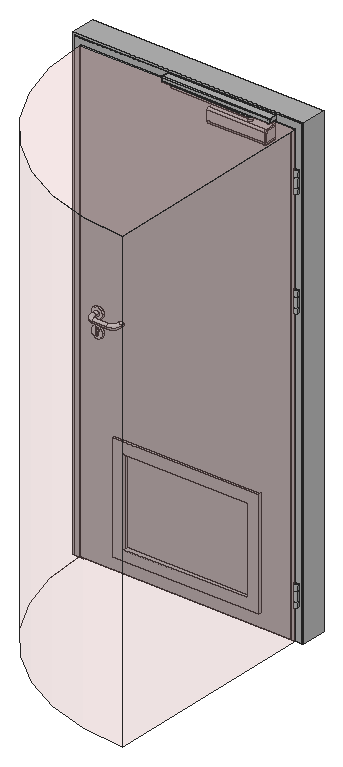
Revit family "ASSA ABLOY - ALPE Ss 60-1, signle-leaf, louver, block frame", category Doors, host Wall, Revit 2021
Family settings
  Host = Wall
  OmniClass Number = 23.30.10.00
  OmniClass Title = Doors
  Always vertical = Yes
  Cut with Voids When Loaded = No
  Shared = No
  Room Calculation Point = No
Parameters (values of type "900 x 2100 (903 x 2109)")
  Panic device Visibility = and(Width > 899.000 mm, Width < 1151.000 mm)  # yes
  Panic device Length = Rough Width - 307.000 mm  # 773.000 mm
  Louver Visibility = Door Leaf Width > 560.000 mm  # yes
  Louver Height Range = if(Louver Height < 160.000 mm, 160.000 mm, if(Louver Height > 800.000 mm, 800.000 mm, Louver Height))  # 400.000 mm
  URL = "https://www.assaabloy.com/pl/pl"
  Type Comments = "Door leaf made of two pressed galvanised steel sheets 1,25mm thick. Filled with mineral wool glued to the sheets with polyurethane adhesive. Door with 3-sided thin rebate."
  Symbol Radius = Door Leaf Width + 9.500 mm  # 1010.200 mm
  Rough Width Real = Width Round + Rough Width Conversion + Rough Width Adjustment  # 1077.500 mm
  Rough Width Conversion = 177.500 mm  # constant formula
  Rough Width Adjustment = 0.000 mm  # constant formula
  Rough Height Real = Height Round + Rough Height Conversion + Rough Height Adjustment  # 2181.000 mm
  Rough Height Conversion = 81.000 mm  # constant formula
  Rough Height Adjustment = 0.000 mm  # constant formula
  Resset Value [instance] = 20.000 mm
  Opening Zone [instance] = yes
  Model = "Doorset_Steel evacuation (EN 1125) fireproof door EI60 with louvers_ASSA ABLOY Opening Solutions_Hardware 3D"
  Louver Width = if(Door Leaf Width < 700.000 mm, 300.000 mm, if(Door Leaf Width - 420.000 mm > 800.000 mm, 800.000 mm, if(Door Leaf Width < 400.000 mm, 400.000 mm, Door Leaf Width - 420.000 mm)))  # 580.700 mm
  Louver Material = Louver
  Louver Height = 400.000 mm  # constant formula
  Hinges Visibility = Height > 1200.000 mm  # yes
  Hinges Material = Default steel
  Handle Visibility = not(Panic device Visibility)  # no
  Handle Height = if(Height < 1300.000 mm, Height - 280.000 mm, 1055.000 mm)  # 1055.000 mm
  HW Item 9 = "1x 206253: Vercy door stopper, max 120 kg_ASSA ABLOY (option)"
  HW Item 8 = "1x Rosette set PZPZ_Standard ASSA ABLOY"
  Frame Finish [instance] = ""
  Fire Rating = "EI60"  # constant formula
  Width Round = roundup((Width / 5.000 mm)) * 5.000 mm  # 900.000 mm
  Thickness = 63.000 mm  # constant formula
  Smoke Rating = "n/a"
  Rough Width = Width Round + Rough Width Conversion + Rough Width Adjustment + 2.500 mm  # 1080.000 mm
  Rough Height = Height Round + Rough Height Conversion + Rough Height Adjustment + 9.000 mm  # 2190.000 mm
  Readme = "The actual lintel height is consistent with the Rough Height parameter.\r\nThe final HW Set should be consistent with the function of the door and its  parameters.\r\nHardware mounted on door surface may affect the clear passage opening. For verification, please contact the specification department.\r\nIf you would like to change panic device to another one, please contact the specification team to verify opening and new solution compatibility."
  Provider = "ASSA ABLOY Opening Solutions"
  Product Group = "Single-Steel-Evacuation (EN 1125)"
  Name = "Steel evacuation (EN 1125) fireproof door EI60 with louvers"
  Min Door Width = 600.000 mm
  Min Door Height = 690.000 mm
  Mechanical Strength = 4
  Max Door Width = 1230.000 mm
  Max Door Height = 2500.000 mm
  Manufacturer = "ASSA ABLOY"  # constant formula
  IfcExportType = "USERDEFINED"
  IfcExportAs = "IfcDoorType"
  Height Round = roundup((Height / 5.000 mm)) * 5.000 mm  # 2100.000 mm
  Hardware Set = "2.4PL"
  HW Item 7 = "1x Handle_Standard ASSA ABLOY"
  HW Item 6 = "1x N2000: One System panic device (EN1125), type A (crossbar)_ASSA ABLOY"
  HW Item 5 = "1x SK6 Radius: euro profile cylinder_IKON"
  HW Item 4 = "1x N11xx: mechanical, panic mortice lockcase_ASSA ABLOY"
  HW Item 3 = "1x A153: mechanical opening damper_ASSA ABLOY (option)"
  HW Item 2 = "1x G195: door closer guide rail_ASSA ABLOY"
  HW Item 1 = "1x DC700/ DC500: door closer, Cam-Motion®_ASSA ABLOY"
  Function = Interior
  Height = 2100.000 mm
  Wall Closure = By host
  Width = 900.000 mm
  Frame Type = "Welded steel block frame, made of galvanised sheet 1,5mm thick."
  Frame Material = Default steel
  Family name = "2.4_DOORSET_ALPE Ss 60-1_SINGLE-LEAF_BLOCK FRAME_ASSA ABLOY PL"
  Environmental Product Declaration (EPD) = "To be confirmed with Provider"  # constant formula
  Environmental Management System = "To be confirmed with Provider"  # constant formula
  Edition number = "1"
  Door Type = "ALPE Ss 60-1"
  Door Material = Default steel
  Door Leaf Width = Width Round + Rough Width Adjustment + 100.700 mm  # 1000.700 mm
  Door Finish Push Side [instance] = ""
  Door Finish Pull Side [instance] = ""
  Description = ""
  Date of publishing = ""
  Contact Provider = "https://www.assaabloy.com/pl/pl/solutions/topics/bim-specification/contact"
  Brand = "ASSA ABLOY Mercor Doors Sp. z o. o."  # constant formula
  Author = "www.archispace.pl"
Reference planes
  plane 1: y = 0
  plane 2 "Center (Left/Right)": x = 0
  plane 3: z = 2190
  plane 4 "Exterior": y = 120
  plane 5 "Interior": y = -120
  plane 6: x = -538.75
  plane 7: x = 538.75
  plane 8: z = 2100
  plane 9: y = -20
  plane 10: y = -36
  plane 11: y = 17.5
  plane 12: y = 20
  plane 13: y = -129
  plane 14: x = -481.35
  plane 15: x = 481.35
  plane 16: z = 2163.6
  plane 17: z = 5
  plane 18: y = -108
  plane 19: x = 509.85
  plane 20: x = -540
  plane 21: x = 540
  plane 22: x = -457.75
  plane 23: x = 457.75
  plane 24: z = 2181
  plane 25: y = -100
  plane 26: x = -479.75
  plane 27: y = -58.181
  plane 28: x = -416.35
  plane 29: z = 1055
  plane 30: z = 2193
  plane 31: x = 447.75
  plane 32: x = -299.1
  plane 33: x = -290.35
  plane 34: x = 290.35
  plane 35: x = 299.1
  plane 36: z = 105
  plane 37: z = 113.75
  plane 38: z = 513.75
  plane 39: z = 522.5
  plane 40: z = 152.5
  plane 41: z = 176.5
  plane 42: z = 178
  plane 43: z = 222
  plane 44: z = 223.5
  plane 45: z = 247.5
  plane 46: z = 200
  plane 47: z = 1881.5
  plane 48: z = 1905.5
  plane 49: z = 1907
  plane 50: z = 1951
  plane 51: z = 1952.5
  plane 52: z = 1976.5
  plane 53: z = 1929
  plane 54: z = 1381.5
  plane 55: z = 1405.5
  plane 56: z = 1407
  plane 57: z = 1451
  plane 58: z = 1452.5
  plane 59: z = 1476.5
  plane 60: z = 1429
Forms (mm)
  Sweep 1, solid, material "Default steel" <- "Frame Material"
    path origin (0, -120, 0) x (1, 0, 0) y (0, 0, 1)
      loop
        line (-538.75, 0) -> (-538.75, 2181) -> (538.75, 2181) -> (538.75, 0)
    profile origin (-538.75, -120, 1090.5) x (-1, 0, 0) y (0, -1, 0)
      loop
        line (-10, -20) -> (-52, -20) -> (-52, -100) -> (-59, -100) -> (-59, -84) -> (-81, -84) -> (-81, -140) -> (-10, -140) -> (-10, -137.5) -> (0, -137.5) -> (0, -22.5) -> (-10, -22.5) -> (-10, -20)
  Sweep 2, solid, material "Default steel" <- "Door Material"
    path origin (-5000, -120, 0) x (1, 0, 0) y (0, 0, 1)
      loop
        line (4518.65, 5) -> (4518.65, 2123.6) -> (5481.35, 2123.6) -> (5481.35, 5)
    profile origin (0, -120, 2123.6) x (0, 0, 1) y (0, -1, 0)
      loop
        line (0, -19) -> (19, -19) -> (19, -16.6) -> (0, -16.6) -> (0, -19)
  Sweep 3, solid, material "Default steel" <- "Door Material"
    path origin (-5000, -120, 0) x (1, 0, 0) y (0, 0, 1)
      loop
        line (5000, 5) -> (5000, 2123.6)
    profile origin (0, -120, 1064.3) x (-1, 0, 0) y (0, -1, 0)
      loop
        line (481.35, -79.6) -> (481.35, -16.6) -> (-481.35, -16.6) -> (-481.35, -79.6) -> (481.35, -79.6)
  Sweep 4, solid, material "Opening zone", visible <- "Opening Zone"
    path origin (-4946, 0, 0) x (-1, 0, 0) y (0, 0, 1)
      loop
        line (-5000, 5) -> (-5000, 2142.6)
    profile origin (54, 0, 1073.8) x (1, 0, 0) y (0, 1, 0)
      loop
        line (455.85, -108) -> (-554.35, -108)
        arc (-554.35, -108) -> (-258.469, -822.319) -> (455.85, -1118.2) r 1010.2
        line (455.85, -1118.2) -> (455.85, -108)
  Sweep 5, solid, material "Default steel" <- "Door Material", visible <- "Louver Visibility"
    path origin (-481.35, -103.4, 5) x (0, 0, 1) y (-1, 0, 0)
      loop
        line (517.5, -182.25) -> (100, -182.25) -> (100, -780.45) -> (517.5, -780.45) -> (517.5, -182.25)
    profile origin (0, -103.4, 522.5) x (0, 0, 1) y (0, -1, 0)
      loop
        line (-8.75, -76) -> (41.25, -76) -> (41.25, -63) -> (0, -63) -> (0, 0) -> (41.25, 0) -> (41.25, 13) -> (-8.75, 13) -> (-8.75, -76)
  Sweep 6, solid, material "Louver" <- "Louver Material", visible <- "Louver Visibility"
    path origin (0, -120, 0) x (1, 0, 0) y (0, 0, 1)
      loop
        line (0, 113.75) -> (0, 513.75)
    profile origin (0, -120, 313.75) x (-1, 0, 0) y (0, -1, 0)
      loop
        line (290.35, -72.1) -> (290.35, -24.1) -> (-290.35, -24.1) -> (-290.35, -72.1) -> (290.35, -72.1)
  Sweep 7, void
    path origin (-5000, 0, 0) x (-1, 0, 0) y (0, 0, 1)
      loop
        line (-5000, 522.5) -> (-5000, 105)
    profile origin (0, 0, 313.75) x (0, 1, 0) y (-1, 0, 0)
      loop
        line (-40.4, 290.35) -> (-103.4, 290.35) -> (-103.4, -290.35) -> (-40.4, -290.35) -> (-40.4, 290.35)
  Sweep 8, solid, material "Default steel" <- "Hinges Material", detail levels fine
    path origin (-507.5, -108, 1200) x (-1, 0, 0) y (0, 0, 1)
      loop
        line (-1017.35, -1023.5) -> (-1017.35, -1047.5)
    profile origin (509.85, -108, 164.5) x (0, 1, 0) y (-1, 0, 0)
      loop
        circle (0, 0) r 9.5
  Sweep 9, solid, material "Default steel" <- "Hinges Material", detail levels fine
    path origin (-507.5, -108, 1200) x (-1, 0, 0) y (0, 0, 1)
      loop
        line (-1017.35, -952.5) -> (-1017.35, -976.5)
    profile origin (509.85, -108, 235.5) x (0, 1, 0) y (-1, 0, 0)
      loop
        circle (0, 0) r 9.5
  Sweep 10, solid, material "Default steel" <- "Hinges Material", detail levels fine
    path origin (-507.5, -108, 1200) x (-1, 0, 0) y (0, 0, 1)
      loop
        line (-1017.35, -978) -> (-1017.35, -1022)
    profile origin (509.85, -108, 200) x (0, 1, 0) y (-1, 0, 0)
      loop
        circle (0, 0) r 9.5
  Sweep 11, solid, material "Default steel" <- "Hinges Material", detail levels fine
    path origin (-507.5, -108, 1200) x (-1, 0, 0) y (0, 0, 1)
      loop
        line (-1017.35, -976.5) -> (-1017.35, -978)
    profile origin (509.85, -108, 222.75) x (0, 1, 0) y (-1, 0, 0)
      loop
        circle (0, 0) r 6
  Sweep 12, solid, material "Default steel" <- "Hinges Material", detail levels fine
    path origin (-507.5, -108, 1200) x (-1, 0, 0) y (0, 0, 1)
      loop
        line (-1017.35, -1022) -> (-1017.35, -1023.5)
    profile origin (509.85, -108, 177.25) x (0, 1, 0) y (-1, 0, 0)
      loop
        circle (0, 0) r 6
  Sweep 13, solid, material "Default steel" <- "Hinges Material", detail levels fine
    path origin (-507.5, -108, 3000) x (-1, 0, 0) y (0, 0, 1)
      loop
        line (-1017.35, -1094.5) -> (-1017.35, -1118.5)
    profile origin (509.85, -108, 1893.5) x (0, 1, 0) y (-1, 0, 0)
      loop
        circle (0, 0) r 9.5
  Sweep 14, solid, material "Default steel" <- "Hinges Material", detail levels fine
    path origin (-507.5, -108, 3000) x (-1, 0, 0) y (0, 0, 1)
      loop
        line (-1017.35, -1023.5) -> (-1017.35, -1047.5)
    profile origin (509.85, -108, 1964.5) x (0, 1, 0) y (-1, 0, 0)
      loop
        circle (0, 0) r 9.5
  Sweep 15, solid, material "Default steel" <- "Hinges Material", detail levels fine
    path origin (-507.5, -108, 3000) x (-1, 0, 0) y (0, 0, 1)
      loop
        line (-1017.35, -1049) -> (-1017.35, -1093)
    profile origin (509.85, -108, 1929) x (0, 1, 0) y (-1, 0, 0)
      loop
        circle (0, 0) r 9.5
  Sweep 16, solid, material "Default steel" <- "Hinges Material", detail levels fine
    path origin (-507.5, -108, 3000) x (-1, 0, 0) y (0, 0, 1)
      loop
        line (-1017.35, -1047.5) -> (-1017.35, -1049)
    profile origin (509.85, -108, 1951.75) x (0, 1, 0) y (-1, 0, 0)
      loop
        circle (0, 0) r 6
  Sweep 17, solid, material "Default steel" <- "Hinges Material", detail levels fine
    path origin (-507.5, -108, 3000) x (-1, 0, 0) y (0, 0, 1)
      loop
        line (-1017.35, -1093) -> (-1017.35, -1094.5)
    profile origin (509.85, -108, 1906.25) x (0, 1, 0) y (-1, 0, 0)
      loop
        circle (0, 0) r 6
  Sweep 18, solid, material "Default steel" <- "Hinges Material", visible <- "Hinges Visibility", detail levels fine
    path origin (-507.5, -108, 2500) x (-1, 0, 0) y (0, 0, 1)
      loop
        line (-1017.35, -1094.5) -> (-1017.35, -1118.5)
    profile origin (509.85, -108, 1393.5) x (0, 1, 0) y (-1, 0, 0)
      loop
        circle (0, 0) r 9.5
  Sweep 19, solid, material "Default steel" <- "Hinges Material", visible <- "Hinges Visibility", detail levels fine
    path origin (-507.5, -108, 2500) x (-1, 0, 0) y (0, 0, 1)
      loop
        line (-1017.35, -1023.5) -> (-1017.35, -1047.5)
    profile origin (509.85, -108, 1464.5) x (0, 1, 0) y (-1, 0, 0)
      loop
        circle (0, 0) r 9.5
  Sweep 20, solid, material "Default steel" <- "Hinges Material", visible <- "Hinges Visibility", detail levels fine
    path origin (-507.5, -108, 2500) x (-1, 0, 0) y (0, 0, 1)
      loop
        line (-1017.35, -1049) -> (-1017.35, -1093)
    profile origin (509.85, -108, 1429) x (0, 1, 0) y (-1, 0, 0)
      loop
        circle (0, 0) r 9.5
  Sweep 21, solid, material "Default steel" <- "Hinges Material", visible <- "Hinges Visibility", detail levels fine
    path origin (-507.5, -108, 2500) x (-1, 0, 0) y (0, 0, 1)
      loop
        line (-1017.35, -1047.5) -> (-1017.35, -1049)
    profile origin (509.85, -108, 1451.75) x (0, 1, 0) y (-1, 0, 0)
      loop
        circle (0, 0) r 6
  Sweep 22, solid, material "Default steel" <- "Hinges Material", visible <- "Hinges Visibility", detail levels fine
    path origin (-507.5, -108, 2500) x (-1, 0, 0) y (0, 0, 1)
      loop
        line (-1017.35, -1093) -> (-1017.35, -1094.5)
    profile origin (509.85, -108, 1406.25) x (0, 1, 0) y (-1, 0, 0)
      loop
        circle (0, 0) r 6
Cuts and joins
  Sweep 7 cuts Sweep 3
  joined: Sweep 2, Sweep 3
Lines and regions (mm)
  Masking region 1, detail levels fine
    outline origin (-1177.682, -300, 2052) x (-1, 0, 0) y (0, -1, 0)
      loop
        line (-719.932, -264) -> (-719.932, -320) -> (-648.932, -320) -> (-648.932, -317.5) -> (-638.932, -317.5) -> (-638.932, -202.5) -> (-648.932, -202.5) -> (-648.932, -200) -> (-690.932, -200) -> (-690.932, -280) -> (-697.932, -280) -> (-697.932, -264) -> (-719.932, -264)
      loop
        line (-1635.432, -264) -> (-1657.432, -264) -> (-1657.432, -280) -> (-1664.432, -280) -> (-1664.432, -200) -> (-1706.432, -200) -> (-1706.432, -202.5) -> (-1716.432, -202.5) -> (-1716.432, -317.5) -> (-1706.432, -317.5) -> (-1706.432, -320) -> (-1635.432, -320) -> (-1635.432, -264)
  Masking region 2, detail levels medium
    outline origin (-1132.682, -300, 2052) x (-1, 0, 0) y (0, -1, 0)
      loop
        line (-593.932, -320) -> (-593.932, -200) -> (-674.932, -200) -> (-674.932, -320) -> (-593.932, -320)
      loop
        line (-1671.432, -320) -> (-1590.432, -320) -> (-1590.432, -200) -> (-1671.432, -200) -> (-1671.432, -320)
  Masking region 3, detail levels fine
    outline origin (-1132.682, -300, 2052) x (-1, 0, 0) y (0, -1, 0)
      loop
        circle (-1642.532, -192) r 9.5
  Opening 1
    outline origin (-5000, -120, 0) x (1, 0, 0) y (0, 0, 1)
      loop
        line (4460, 2190) -> (4460, 0) -> (5540, 0) -> (5540, 2190) -> (4460, 2190)
  symbolic lines, style "Elevation Swing"
    curve 1: line (-457.75, -120, 1095) -> (457.75, -120, 2100)
    curve 2: line (-457.75, -120, 1095) -> (457.75, -120, 5)
Text (mm)
  text "Exterior" at (-1376.75, 1099.543, 0), in view "Ref. Level"
  text "Exterior" at (0, 1615.38, 3698.081), in view "Left"
  text "Exterior" at (0, 1036.032, 3874.932), in view "Right"
Dimensions and locks
  "Rough Height": plane 3 to host wall
  equal spacing: host wall, curve 2, plane 3
  host wall to plane 3 = 2190.000 mm
  locked: plane 4 "Exterior" to host wall
  locked: plane 5 "Interior" to host wall
  equal spacing: plane 6, plane 2 "Center (Left/Right)", plane 7
  "Rough Width Real": plane 6 to plane 7
  "Height": plane 8 to level
  locked: plane 13 to plane 5 "Interior" at 9
  locked: plane 9 to plane 10 at 16
  locked: plane 15 to plane 7 at 57.4
  locked: plane 17 to level at 5
  locked: plane 6 to Masking region 2 sketch curve at 81
  equal spacing: plane 21, plane 2 "Center (Left/Right)", plane 20
  "Rough Width": plane 21 to plane 20
  locked: plane 6 to plane 14 at 57.4
  locked: plane 6 to plane 22 at 81
  locked: plane 23 to plane 7 at 81
  "Rough Height Real": plane 24 to level
  locked: plane 24 to plane 16 at 17.4
  plane 22 to nested 1 = 900.000 mm
  plane 24 to level = 2181.000 mm
  locked: Sweep 2 sketch curve to Sweep 2 sketch curve at 19
  "Resset Value": plane 5 "Interior" to plane 25
  locked: plane 12 to plane 25 at 120
  locked: plane 12 to plane 11 at 2.5
  locked: plane 26 to plane 22 at 22
  locked: plane 6 to Masking region 1 sketch curve at 10
  locked: plane 6 to Masking region 1 sketch curve at 52
  locked: profile plane to Sweep 1 sketch curve at 10
  locked: plane 12 to plane 9 at 40
  Sweep 1 to plane 7 = 52.000 mm
  plane 23 to Masking region 1 sketch curve = 22.000 mm
  locked: Masking region 1 sketch curve to plane 7 at 10
  plane 19 to plane 7 = 28.900 mm
  locked: plane 25 to plane 18 at 8
  locked: plane 12 to nested 1 at 137.5
  locked: nested 1 to plane 19 at 4.6
  locked: plane 8 to Sweep 3 sketch curve at 23.6
  locked: plane 10 to Sweep 3 sketch curve at 4.4
  locked: Sweep 3 sketch curve to Sweep 3 sketch curve at 63
  locked: plane 25 to Sweep 2 sketch curve at 1
  locked: Sweep 2 sketch curve to Sweep 2 sketch curve at 2.4
  locked: Sweep 2 sketch curve to plane 8 at 23.6
  locked: plane 16 to Sweep 2 sketch curve at 21
  locked: plane 6 to plane 28 at 122.4
  "Handle Height": plane 29 to level
  locked: plane 30 to plane 3 at 3
  locked: plane 7 to plane 31 at 91
  cut or joined group of Sweep 2, Sweep 3, Sweep 7 to nested 1 = 942.600 mm
  cut or joined group of Sweep 2, Sweep 3, Sweep 7 to plane 32 = 201.250 mm
  plane 37 to plane 36 to plane 17 = 8.750 mm locked, 100.000 mm
  equal spacing: plane 34, plane 2 "Center (Left/Right)", plane 33
  cut or joined group of Sweep 2, Sweep 3, Sweep 7 to plane 35 = 201.250 mm
  "Louver Width": plane 34 to plane 33
  locked: plane 39 to plane 38 at 8.75
  locked: Sweep 6 sketch curve to cut or joined group of Sweep 2, Sweep 3, Sweep 7 at 7.5
  locked: cut or joined group of Sweep 2, Sweep 3, Sweep 7 to Sweep 6 sketch curve at 7.5
  locked: plane 33 to plane 32 at 8.75
  locked: plane 35 to plane 34 at 8.75
  "Louver Height Range": plane 38 to plane 37
  locked: Masking region 1 sketch curve to Masking region 1 sketch curve at 2.5
  locked: Sweep 1 sketch curve to Sweep 1 sketch curve at 2.5
  locked: Sweep 1 to Masking region 1 sketch curve at 2.5
  plane 45 to plane 44 to plane 43 to plane 46 to plane 42 to plane 41 to plane 40 = 24.000 mm locked, 1.500 mm locked, 22.000 mm locked, 22.000 mm locked, 1.500 mm locked, 24.000 mm locked
  locked: plane 46 to level at 200
  plane 52 to plane 51 to plane 50 to plane 53 to plane 49 to plane 48 to plane 47 = 24.000 mm locked, 1.500 mm locked, 22.000 mm locked, 22.000 mm locked, 1.500 mm locked, 24.000 mm locked
  locked: plane 8 to plane 53 at 171
  plane 53 to Sweep 1 = 200.000 mm
  plane 59 to plane 58 to plane 57 to plane 60 to plane 56 to plane 55 to plane 54 = 24.000 mm locked, 1.500 mm locked, 22.000 mm locked, 22.000 mm locked, 1.500 mm locked, 24.000 mm locked
  locked: plane 53 to plane 60 at 500
  locked: nested 2 to plane 19 at 100
  locked: plane 24 to nested 2 at 12.7
  locked: plane 29 to nested 3 at 80
  "Symbol Radius": radius of Sweep 4 sketch curve
  aligned and locked: plane 1 to host wall
  aligned and locked: level to Sweep 1 sketch curve  (x2)
  aligned and locked: Sweep 1 sketch curve to plane 6
  aligned and locked: plane 7 to Sweep 1 sketch curve
  aligned and locked: plane 2 "Center (Left/Right)" to Sweep 3 sketch curve
  aligned and locked: Masking region 2 sketch curve to plane 6
  aligned and locked: Masking region 2 sketch curve to plane 7
  aligned and locked: plane 10 to Masking region 1 sketch curve
  aligned and locked: plane 9 to Masking region 1 sketch curve
  aligned and locked: plane 11 to Masking region 1 sketch curve
  aligned and locked: plane 12 to Masking region 1 sketch curve
  aligned and locked: Masking region 1 sketch curve to plane 10
  aligned and locked: Masking region 1 sketch curve to plane 9
  aligned and locked: Masking region 1 sketch curve to plane 11
  aligned and locked: Masking region 1 sketch curve to plane 12
  aligned and locked: Sweep 1 sketch curve to plane 10
  aligned and locked: Sweep 1 sketch curve to plane 9
  aligned and locked: plane 11 to Sweep 1 sketch curve
  aligned and locked: plane 12 to Sweep 1 sketch curve
  aligned and locked: Masking region 2 sketch curve to plane 12
  aligned and locked: plane 12 to Masking region 2 sketch curve
  aligned and locked: plane 14 to Sweep 2 sketch curve
  aligned and locked: plane 15 to Sweep 2 sketch curve
  aligned and locked: plane 15 to Sweep 3 sketch curve
  aligned and locked: plane 14 to Sweep 3 sketch curve
  aligned and locked: plane 18 to Masking region 3 sketch curve
  aligned and locked: plane 19 to Masking region 3 sketch curve
  aligned and locked: level to Opening 1 sketch curve
  aligned and locked: plane 3 to Opening 1 sketch curve
  aligned and locked: plane 20 to Opening 1 sketch curve
  aligned and locked: Opening 1 sketch curve to plane 21
  aligned and locked: Sweep 1 sketch curve to plane 24
  aligned and locked: plane 17 to Sweep 2 sketch curve  (x2)
  aligned and locked: plane 17 to Sweep 3 sketch curve
  aligned and locked: plane 17 to Sweep 4 sketch curve
  aligned and locked: plane 23 to curve 2
  aligned and locked: plane 17 to curve 2
  aligned and locked: plane 23 to curve 1
  aligned and locked: plane 8 to curve 1
  aligned and locked: plane 22 to curve 1
  aligned and locked: Masking region 1 sketch curve to plane 22
  aligned and locked: Masking region 1 sketch curve to plane 23
  aligned and locked: Sweep 1 sketch curve to plane 22
  aligned and locked: Sweep 4 sketch curve to plane 19
  aligned and locked: plane 18 to Sweep 4 sketch curve
  aligned and locked: cut or joined group of Sweep 2, Sweep 3, Sweep 7 to Sweep 4 sketch curve
  aligned and locked: plane 26 to Masking region 1 sketch curve
  aligned and locked: plane 25 to Masking region 1 sketch curve
  aligned and locked: Sweep 1 sketch curve to plane 26
  aligned and locked: Sweep 1 sketch curve to plane 25
  aligned and locked: Masking region 1 sketch curve to plane 25
  aligned and locked: plane 25 to Masking region 2 sketch curve
  aligned and locked: plane 23 to Masking region 2 sketch curve
  aligned and locked: Masking region 2 sketch curve to plane 25
  aligned and locked: plane 32 to Sweep 5 sketch curve
  aligned and locked: Sweep 5 sketch curve to plane 39
  aligned and locked: Sweep 5 sketch curve to plane 35
  aligned and locked: plane 36 to Sweep 5 sketch curve
  aligned and locked: plane 38 to Sweep 6 sketch curve
  aligned and locked: plane 37 to Sweep 6 sketch curve
  aligned and locked: plane 33 to Sweep 6 sketch curve
  aligned and locked: Sweep 6 sketch curve to plane 34
  aligned and locked: plane 2 "Center (Left/Right)" to Sweep 7 sketch curve
  aligned and locked: plane 39 to Sweep 7 sketch curve
  aligned and locked: plane 36 to Sweep 7 sketch curve
  aligned and locked: plane 33 to Sweep 7 sketch curve
  aligned and locked: plane 34 to Sweep 7 sketch curve
  aligned and locked: cut or joined group of Sweep 2, Sweep 3, Sweep 7 to Sweep 7 sketch curve  (x2)
  aligned and locked: Masking region 1 sketch curve to Sweep 1  (x2)
  aligned and locked: Sweep 1 sketch curve to Sweep 1 sketch curve
  aligned and locked: plane 40 to Sweep 8 sketch curve
  aligned and locked: plane 41 to Sweep 8 sketch curve
  aligned and locked: plane 41 to Sweep 12 sketch curve
  aligned and locked: plane 42 to Sweep 12 sketch curve
  aligned and locked: plane 42 to Sweep 10 sketch curve
  aligned and locked: plane 43 to Sweep 10 sketch curve
  aligned and locked: plane 43 to Sweep 11 sketch curve
  aligned and locked: plane 44 to Sweep 11 sketch curve
  aligned and locked: plane 44 to Sweep 9 sketch curve
  aligned and locked: plane 45 to Sweep 9 sketch curve
  aligned and locked: plane 47 to Sweep 13 sketch curve
  aligned and locked: plane 48 to Sweep 13 sketch curve
  aligned and locked: plane 48 to Sweep 17 sketch curve
  aligned and locked: plane 49 to Sweep 17 sketch curve
  aligned and locked: plane 49 to Sweep 15 sketch curve
  aligned and locked: plane 50 to Sweep 15 sketch curve
  aligned and locked: plane 50 to Sweep 16 sketch curve
  aligned and locked: plane 51 to Sweep 16 sketch curve
  aligned and locked: plane 51 to Sweep 14 sketch curve
  aligned and locked: plane 52 to Sweep 14 sketch curve
  aligned and locked: plane 54 to Sweep 18 sketch curve
  aligned and locked: plane 55 to Sweep 18 sketch curve
  aligned and locked: plane 55 to Sweep 22 sketch curve
  aligned and locked: plane 56 to Sweep 22 sketch curve
  aligned and locked: plane 56 to Sweep 20 sketch curve
  aligned and locked: plane 57 to Sweep 20 sketch curve
  aligned and locked: plane 57 to Sweep 21 sketch curve
  aligned and locked: plane 58 to Sweep 21 sketch curve
  aligned and locked: plane 58 to Sweep 19 sketch curve
  aligned and locked: plane 59 to Sweep 19 sketch curve
  aligned and locked: nested 2 to cut or joined group of Sweep 2, Sweep 3, Sweep 7
  aligned and locked: plane 28 to nested 4
  aligned and locked: nested 4 to cut or joined group of Sweep 2, Sweep 3, Sweep 7
  aligned and locked: plane 28 to nested 3
  aligned and locked: nested 3 to cut or joined group of Sweep 2, Sweep 3, Sweep 7
  aligned and locked: nested 4 to plane 29
  aligned and locked: nested 5 to plane 28
  aligned and locked: nested 5 to cut or joined group of Sweep 2, Sweep 3, Sweep 7
  aligned and locked: nested 5 to plane 29
Automatic sketch dimensions
  Sweep 1 sketch curve to profile plane = 0.000 mm
  Sweep 1 sketch curve to Sweep 1 sketch curve = 42.000 mm
  Masking region 1 sketch curve to plane 7 = 0.000 mm
  Masking region 1 sketch curve to plane 6 = 0.000 mm
  Masking region 1 sketch curve to plane 15 = 5.400 mm
  plane 2 "Center (Left/Right)" to Sweep 4 sketch curve = 54.000 mm
  Sweep 6 sketch curve to plane 2 "Center (Left/Right)" = 0.000 mm
  Sweep 8 sketch curve to plane 19 = 0.000 mm
  Sweep 8 sketch curve to Sweep 8 sketch curve = 0.000 mm  (x2)
  Sweep 8 sketch curve to plane 18 = 0.000 mm
  Sweep 8 sketch curve to profile plane = 0.000 mm
  Sweep 8 sketch curve to Sweep 8 sketch curve = 9.500 mm
  Sweep 9 sketch curve to plane 19 = 0.000 mm
  Sweep 9 sketch curve to Sweep 9 sketch curve = 0.000 mm  (x2)
  Sweep 9 sketch curve to plane 18 = 0.000 mm
  Sweep 9 sketch curve to profile plane = 0.000 mm
  Sweep 9 sketch curve to Sweep 9 sketch curve = 9.500 mm
  Sweep 10 sketch curve to plane 19 = 0.000 mm
  Sweep 10 sketch curve to Sweep 10 sketch curve = 0.000 mm  (x2)
  Sweep 10 sketch curve to plane 18 = 0.000 mm
  Sweep 10 sketch curve to profile plane = 0.000 mm
  Sweep 10 sketch curve to Sweep 10 sketch curve = 9.500 mm
  Sweep 11 sketch curve to plane 19 = 0.000 mm
  Sweep 11 sketch curve to Sweep 11 sketch curve = 0.000 mm  (x2)
  Sweep 11 sketch curve to plane 18 = 0.000 mm
  Sweep 11 sketch curve to profile plane = 0.000 mm
  Sweep 11 sketch curve to Sweep 11 sketch curve = 6.000 mm
  Sweep 12 sketch curve to plane 19 = 0.000 mm
  Sweep 12 sketch curve to Sweep 12 sketch curve = 0.000 mm  (x2)
  Sweep 12 sketch curve to plane 18 = 0.000 mm
  Sweep 12 sketch curve to profile plane = 0.000 mm
  Sweep 12 sketch curve to Sweep 12 sketch curve = 6.000 mm
  Sweep 13 sketch curve to plane 19 = 0.000 mm
  Sweep 13 sketch curve to Sweep 13 sketch curve = 0.000 mm  (x2)
  Sweep 13 sketch curve to plane 18 = 0.000 mm
  Sweep 13 sketch curve to profile plane = 0.000 mm
  Sweep 13 sketch curve to Sweep 13 sketch curve = 9.500 mm
  Sweep 14 sketch curve to plane 19 = 0.000 mm
  Sweep 14 sketch curve to Sweep 14 sketch curve = 0.000 mm  (x2)
  Sweep 14 sketch curve to plane 18 = 0.000 mm
  Sweep 14 sketch curve to profile plane = 0.000 mm
  Sweep 14 sketch curve to Sweep 14 sketch curve = 9.500 mm
  Sweep 15 sketch curve to plane 19 = 0.000 mm
  Sweep 15 sketch curve to Sweep 15 sketch curve = 0.000 mm  (x2)
  Sweep 15 sketch curve to plane 18 = 0.000 mm
  Sweep 15 sketch curve to profile plane = 0.000 mm
  Sweep 15 sketch curve to Sweep 15 sketch curve = 9.500 mm
  Sweep 16 sketch curve to plane 19 = 0.000 mm
  Sweep 16 sketch curve to Sweep 16 sketch curve = 0.000 mm  (x2)
  Sweep 16 sketch curve to plane 18 = 0.000 mm
  Sweep 16 sketch curve to profile plane = 0.000 mm
  Sweep 16 sketch curve to Sweep 16 sketch curve = 6.000 mm
  Sweep 17 sketch curve to plane 19 = 0.000 mm
  Sweep 17 sketch curve to Sweep 17 sketch curve = 0.000 mm  (x2)
  Sweep 17 sketch curve to plane 18 = 0.000 mm
  Sweep 17 sketch curve to profile plane = 0.000 mm
  Sweep 17 sketch curve to Sweep 17 sketch curve = 6.000 mm
  Sweep 18 sketch curve to plane 19 = 0.000 mm
  Sweep 18 sketch curve to Sweep 18 sketch curve = 0.000 mm  (x2)
  Sweep 18 sketch curve to plane 18 = 0.000 mm
  Sweep 18 sketch curve to profile plane = 0.000 mm
  Sweep 18 sketch curve to Sweep 18 sketch curve = 9.500 mm
  Sweep 19 sketch curve to plane 19 = 0.000 mm
  Sweep 19 sketch curve to Sweep 19 sketch curve = 0.000 mm  (x2)
  Sweep 19 sketch curve to plane 18 = 0.000 mm
  Sweep 19 sketch curve to profile plane = 0.000 mm
  Sweep 19 sketch curve to Sweep 19 sketch curve = 9.500 mm
  Sweep 20 sketch curve to plane 19 = 0.000 mm
  Sweep 20 sketch curve to Sweep 20 sketch curve = 0.000 mm  (x2)
  Sweep 20 sketch curve to plane 18 = 0.000 mm
  Sweep 20 sketch curve to profile plane = 0.000 mm
  Sweep 20 sketch curve to Sweep 20 sketch curve = 9.500 mm
  Sweep 21 sketch curve to plane 19 = 0.000 mm
  Sweep 21 sketch curve to Sweep 21 sketch curve = 0.000 mm  (x2)
  Sweep 21 sketch curve to plane 18 = 0.000 mm
  Sweep 21 sketch curve to profile plane = 0.000 mm
  Sweep 21 sketch curve to Sweep 21 sketch curve = 6.000 mm
  Sweep 22 sketch curve to plane 19 = 0.000 mm
  Sweep 22 sketch curve to Sweep 22 sketch curve = 0.000 mm  (x2)
  Sweep 22 sketch curve to plane 18 = 0.000 mm
  Sweep 22 sketch curve to profile plane = 0.000 mm
  Sweep 22 sketch curve to Sweep 22 sketch curve = 6.000 mm
  profile plane to Sweep 5 sketch curve = 0.000 mm
  Sweep 5 sketch curve to profile plane = 0.000 mm
  profile plane to Sweep 5 sketch curve = 8.750 mm
  Sweep 5 sketch curve to profile plane = 41.250 mm  (x2)
  profile plane to Sweep 5 sketch curve = 13.000 mm
  Sweep 5 sketch curve to profile plane = 63.000 mm
  Sweep 5 sketch curve to Sweep 5 sketch curve = 13.000 mm
  radius of Masking region 3 sketch curve = 9.500 mm
Nested families
  nested 1: "Detail_Door symbol" at (-39.9, -100, 2052), type "Detail_Door symbol"
    with Handle Visibility no
  nested 2: "DC700 DC500 Door closer, Cam-Motion_ASSA ABLOY" at (271.85, -103.4, 2097.1) x (-1, 0, 0) z (0, 0, 1), type "DC700 DC500 Door closer, Cam-Motion_ASSA ABLOY", detail levels fine
  nested 3: "TL0151BS round rosette PZPZ, stainless steel_ASSA ABLOY" at (-416.35, -103.4, 975), type "TL0151BS round rosette PZPZ, stainless steel_ASSA ABLOY", detail levels fine
    with Thickness 63.000 mm
  nested 4: "TL4106SS U-shape handle set on round rosette, class 4 (EN1906), stainless steel_ASSA ABLOY" at (-416.35, -103.4, 1055) x (-1, 0, 0) z (0, 0, 1), type "TL4106SS U-shape handle set on round rosette, class 4 (EN1906), stainless steel_ASSA ABLOY", detail levels fine
    with Thickness 63.000 mm
  nested 5: "N2000 One System panic device (EN1125), type A (crossbar)_ASSA ABLOY" at (-101.05, -40.4, 1055), Panic device Length <- "Panic device Length", visible <- "Panic device Visibility", type "N2000 One System panic device (EN1125), type A (crossbar)_ASSA ABLOY", detail levels fine
    with Panic device Length 773.000 mm
Definition of nested family "DC700 DC500 Door closer, Cam-Motion_ASSA ABLOY"
  Parameters (values of type "DC700 DC500 Door closer, Cam-Motion_ASSA ABLOY")
    Thickness = 16.800 mm
    Door Closer Gap Thickness = 3.400 mm
    Default Elevation = 0.000 mm
  Reference planes
    plane 1 "Center (Front/Back)": y = 0
    plane 2: z = 0
    plane 3 "Center (Left/Right)": x = 0
    plane 4: z = 0
    plane 5: x = -134
    plane 6: x = 134
    plane 7: x = -136
    plane 8: x = 136
    plane 9: x = -138
    plane 10: x = 366
    plane 11: z = 48.2
    plane 12: z = 71.2
    plane 13: z = 32
    plane 14: x = -138.8
    plane 15: x = 136.8
    plane 16: x = -46
    plane 17: z = 40.5
    plane 18: x = 321.5
    plane 19: z = 45.5
    plane 20: y = -23.4
    plane 21: y = 3.4
    plane 22: y = -30
  Forms (mm)
    Sweep 1, solid
      path origin (0, 0, 0) x (1, 0, 0) y (0, 1, 0)
        loop
          line (-134, 0) -> (134, 0)
      profile origin (0, 0, 0) x (0, 1, 0) y (0, 0, 1)
        loop
          line (0, 32) -> (-48, 32)
          arc (-48, 32) -> (-55.071, 29.071) -> (-58, 22) r 10
          line (-58, 22) -> (-58, -22)
          arc (-58, -22) -> (-55.071, -29.071) -> (-48, -32) r 10
          line (-48, -32) -> (0, -32) -> (0, 32)
    SweptBlend 2, solid
      path origin (0, 0, 0) x (1, 0, 0) y (0, 1, 0)
        loop
          line (-134, 0) -> (-136, 0)
      profile origin (-134, 0, 0) x (0, -1, 0) y (0, 0, 1)
        loop
          line (0, 30) -> (0, -30) -> (46.25, -30)
          arc (46.25, -30) -> (52.879, -27.254) -> (55.625, -20.625) r 9.375
          line (55.625, -20.625) -> (55.625, 20.625)
          arc (55.625, 20.625) -> (52.879, 27.254) -> (46.25, 30) r 9.375
          line (46.25, 30) -> (0, 30)
      end profile origin (-136, 0, 0) x (0, -1, 0) y (0, 0, 1)
        loop
          line (0, 23.25) -> (0, -23.25) -> (41.469, -23.25)
          arc (41.469, -23.25) -> (46.606, -21.122) -> (48.734, -15.984) r 7.266
          line (48.734, -15.984) -> (48.734, 15.984)
          arc (48.734, 15.984) -> (46.606, 21.122) -> (41.469, 23.25) r 7.266
          line (41.469, 23.25) -> (0, 23.25)
    SweptBlend 3, solid
      path origin (0, 0, 0) x (-1, 0, 0) y (0, -1, 0)
        loop
          line (-134, 0) -> (-136, 0)
      profile origin (134, 0, 0) x (0, 1, 0) y (0, 0, 1)
        loop
          line (0, 30) -> (-46.25, 30)
          arc (-46.25, 30) -> (-52.879, 27.254) -> (-55.625, 20.625) r 9.375
          line (-55.625, 20.625) -> (-55.625, -20.625)
          arc (-55.625, -20.625) -> (-52.879, -27.254) -> (-46.25, -30) r 9.375
          line (-46.25, -30) -> (0, -30) -> (0, 30)
      end profile origin (136, 0, 0) x (0, 1, 0) y (0, 0, 1)
        loop
          line (0, 23.25) -> (-41.469, 23.25)
          arc (-41.469, 23.25) -> (-46.606, 21.122) -> (-48.734, 15.984) r 7.266
          line (-48.734, 15.984) -> (-48.734, -15.984)
          arc (-48.734, -15.984) -> (-46.606, -21.122) -> (-41.469, -23.25) r 7.266
          line (-41.469, -23.25) -> (0, -23.25) -> (0, 23.25)
    Sweep 4, solid
      path origin (0, 0, 0) x (1, 0, 0) y (0, 0, 1)
        loop
          line (-46, 32) -> (-46, 40.5)
      profile origin (-46, 0, 36.25) x (-1, 0, 0) y (0, -1, 0)
        loop
          circle (0, 30) r 9
    Extrusion 5, solid
      sketch origin (0, -0.8, 0) x (1, 0, 0) y (0, 1, 0)
        loop
          circle (321.5, -22.6) r 9
      from 45.5 to 48.2
    Sweep 6, solid
      path origin (0, 0, 0) x (1, 0, 0) y (0, 1, 0)
        loop
          line (-138, 3.4) -> (366, 3.4)
      profile origin (114, 3.4, 0) x (0, 1, 0) y (0, 0, 1)
        loop
          line (0, 48.2) -> (0, 71.2) -> (-35, 71.2)
          arc (-35, 71.2) -> (-37.828, 70.028) -> (-39, 67.2) r 4
          line (-39, 67.2) -> (-39, 52.2)
          arc (-39, 52.2) -> (-37.828, 49.372) -> (-35, 48.2) r 4
          line (-35, 48.2) -> (0, 48.2)
    SweptBlend 7, solid
      path origin (0, 0, 0) x (1, 0, 0) y (0, 1, 0)
        loop
          line (-138.8, 3.4) -> (-138, 3.4)
      profile origin (-138.8, 3.4, 0) x (0, 1, 0) y (0, 0, 1)
        loop
          line (0, 51.5) -> (0, 67.9) -> (-31.7, 67.9)
          arc (-31.7, 67.9) -> (-32.195, 67.695) -> (-32.4, 67.2) r 0.7
          line (-32.4, 67.2) -> (-32.4, 52.2)
          arc (-32.4, 52.2) -> (-32.195, 51.705) -> (-31.7, 51.5) r 0.7
          line (-31.7, 51.5) -> (0, 51.5)
      end profile origin (-138, 3.4, 0) x (0, 1, 0) y (0, 0, 1)
        loop
          arc (-33.9, 70.1) -> (-36.728, 68.928) -> (-37.9, 66.1) r 4
          line (-37.9, 66.1) -> (-37.9, 53.3)
          arc (-37.9, 53.3) -> (-36.728, 50.472) -> (-33.9, 49.3) r 4
          line (-33.9, 49.3) -> (0, 49.3) -> (0, 70.1) -> (-33.9, 70.1)
    SweptBlend 8, solid
      path origin (0, 0, 0) x (-1, 0, 0) y (0, -1, 0)
        loop
          line (-366.8, -3.4) -> (-366, -3.4)
      profile origin (366.8, 3.4, 0) x (0, -1, 0) y (0, 0, 1)
        loop
          line (0, 51.5) -> (31.7, 51.5)
          arc (31.7, 51.5) -> (32.195, 51.705) -> (32.4, 52.2) r 0.7
          line (32.4, 52.2) -> (32.4, 67.2)
          arc (32.4, 67.2) -> (32.195, 67.695) -> (31.7, 67.9) r 0.7
          line (31.7, 67.9) -> (0, 67.9) -> (0, 51.5)
      end profile origin (366, 3.4, 0) x (0, -1, 0) y (0, 0, 1)
        loop
          line (33.9, 70.1) -> (0, 70.1) -> (0, 49.3) -> (33.9, 49.3)
          arc (33.9, 49.3) -> (36.728, 50.472) -> (37.9, 53.3) r 4
          line (37.9, 53.3) -> (37.9, 66.1)
          arc (37.9, 66.1) -> (36.728, 68.928) -> (33.9, 70.1) r 4
    Sweep 9, solid
      path origin (-57, -30, 1200) x (1, 0, 0) y (0, 0, 1)
        loop
          line (11, -1154.5) -> (11, -1159.5)
      profile origin (-46, -30, 43) x (0, -1, 0) y (1, 0, 0)
        loop
          arc (-8.999, -0.162) -> (0.162, -8.999) -> (8.999, 0.162) r 9
          line (8.999, 0.162) -> (2.399, 367.662)
          arc (2.399, 367.662) -> (-6.762, 376.499) -> (-15.599, 367.338) r 9
          line (-15.599, 367.338) -> (-8.999, -0.162)
  Cuts and joins
    joined: Sweep 1, SweptBlend 2, SweptBlend 3, Sweep 4, Extrusion 5
  Dimensions and locks
    locked: plane 5 to plane 3 "Center (Left/Right)" at 134
    locked: plane 3 "Center (Left/Right)" to plane 6 at 134
    locked: plane 7 to plane 5 at 2
    locked: plane 6 to plane 8 at 2
    locked: plane 7 to plane 9 at 2
    locked: plane 10 to plane 9 at 504
    locked: plane 13 to level at 32
    locked: plane 11 to plane 13 at 16.2
    locked: plane 12 to plane 11 at 23
    locked: plane 9 to plane 14 at 0.8
    locked: plane 15 to plane 8 at 0.8
    locked: plane 16 to plane 5 at 88
    locked: plane 17 to plane 13 at 8.5
    locked: plane 18 to plane 10 at 44.5
    locked: plane 19 to plane 17 at 5
    locked: plane 20 to plane 21 at 26.8
    "Door Closer Gap Thickness": plane 1 "Center (Front/Back)" to plane 21
    locked: SweptBlend 8 sketch curve to SweptBlend 8 sketch curve at 0.8
    locked: plane 22 to plane 1 "Center (Front/Back)" at 30
    Sweep 9 sketch curve to Sweep 9 sketch curve = 18.000 mm
    aligned and locked: level to plane 2
    aligned and locked: plane 5 to Sweep 1 sketch curve
    aligned and locked: plane 6 to Sweep 1 sketch curve
    aligned and locked: plane 7 to SweptBlend 2 sketch curve
    aligned and locked: plane 5 to SweptBlend 2 sketch curve
    aligned and locked: SweptBlend 2 sketch curve to plane 1 "Center (Front/Back)"
    aligned and locked: plane 8 to SweptBlend 3 sketch curve
    aligned and locked: plane 6 to SweptBlend 3 sketch curve
    aligned and locked: plane 1 "Center (Front/Back)" to SweptBlend 3 sketch curve
    aligned and locked: plane 17 to Sweep 4 sketch curve
    aligned and locked: plane 16 to Sweep 4 sketch curve  (x2)
    aligned and locked: plane 13 to Sweep 4 sketch curve
    aligned and locked: plane 11 to Extrusion 5
    aligned and locked: Extrusion 5 to plane 19
    aligned and locked: Sweep 6 sketch curve to plane 21
    aligned and locked: plane 9 to Sweep 6 sketch curve
    aligned and locked: plane 10 to Sweep 6 sketch curve
    aligned and locked: plane 21 to Sweep 6 sketch curve
    aligned and locked: plane 11 to Sweep 6 sketch curve
    aligned and locked: Sweep 6 sketch curve to plane 12
    aligned and locked: SweptBlend 7 sketch curve to plane 21
    aligned and locked: plane 9 to SweptBlend 7 sketch curve
    aligned and locked: plane 14 to SweptBlend 7 sketch curve
    aligned and locked: plane 21 to SweptBlend 7 sketch curve  (x2)
    aligned and locked: plane 10 to SweptBlend 8 sketch curve
    aligned and locked: Sweep 9 sketch curve to plane 16
    aligned and locked: plane 19 to Sweep 9 sketch curve
    aligned and locked: plane 17 to Sweep 9 sketch curve
    aligned and locked: plane 18 to Sweep 9 sketch curve
    aligned and locked: plane 20 to Sweep 9 sketch curve
    aligned and locked: plane 16 to Sweep 9 sketch curve
    aligned and locked: plane 22 to Sweep 9 sketch curve
    aligned and locked: plane 22 to Sweep 4 sketch curve
  Automatic sketch dimensions
    plane 1 "Center (Front/Back)" to Sweep 1 sketch curve = 0.000 mm
    Sweep 1 sketch curve to profile plane = 0.000 mm
    profile plane to Sweep 1 sketch curve = 48.000 mm
    Sweep 1 sketch curve to Sweep 1 sketch curve = 0.000 mm
    Sweep 1 sketch curve to Sweep 1 sketch curve = 10.000 mm
    Sweep 1 sketch curve to level = 32.000 mm
    level to Sweep 1 sketch curve = 22.000 mm
    SweptBlend 2 sketch curve to profile plane = 0.000 mm  (x2)
    SweptBlend 2 sketch curve to level = 30.000 mm
    SweptBlend 2 sketch curve to profile plane = 46.250 mm  (x2)
    SweptBlend 2 sketch curve to SweptBlend 2 sketch curve = 9.375 mm
    level to SweptBlend 2 sketch curve = 20.625 mm
    SweptBlend 2 sketch curve to level = 23.250 mm
    SweptBlend 2 sketch curve to profile plane = 41.469 mm
    level to SweptBlend 2 sketch curve = 23.250 mm
    SweptBlend 2 sketch curve to SweptBlend 2 sketch curve = 0.000 mm
    SweptBlend 2 sketch curve to SweptBlend 2 sketch curve = 7.266 mm
    SweptBlend 3 sketch curve to profile plane = 0.000 mm  (x2)
    profile plane to SweptBlend 3 sketch curve = 46.250 mm  (x2)
    SweptBlend 3 sketch curve to level = 30.000 mm
    SweptBlend 3 sketch curve to SweptBlend 3 sketch curve = 9.375 mm
    level to SweptBlend 3 sketch curve = 20.625 mm
    profile plane to SweptBlend 3 sketch curve = 41.469 mm
    SweptBlend 3 sketch curve to level = 23.250 mm
    SweptBlend 3 sketch curve to SweptBlend 3 sketch curve = 0.000 mm
    SweptBlend 3 sketch curve to SweptBlend 3 sketch curve = 7.266 mm
    level to SweptBlend 3 sketch curve = 15.984 mm
    Extrusion 5 sketch curve to plane 18 = 0.000 mm
    plane 20 to Extrusion 5 sketch curve = 0.000 mm
    profile plane to Sweep 6 sketch curve = 35.000 mm
    Sweep 6 sketch curve to Sweep 6 sketch curve = 0.000 mm
    Sweep 6 sketch curve to Sweep 6 sketch curve = 4.000 mm
    profile plane to SweptBlend 7 sketch curve = 33.900 mm
    SweptBlend 7 sketch curve to SweptBlend 7 sketch curve = 0.000 mm  (x2)
    SweptBlend 7 sketch curve to SweptBlend 7 sketch curve = 4.000 mm
    level to SweptBlend 7 sketch curve = 49.300 mm
    SweptBlend 7 sketch curve to SweptBlend 7 sketch curve = 12.800 mm
    profile plane to SweptBlend 7 sketch curve = 31.700 mm
    SweptBlend 7 sketch curve to SweptBlend 7 sketch curve = 0.700 mm
    level to SweptBlend 7 sketch curve = 51.500 mm
    SweptBlend 7 sketch curve to SweptBlend 7 sketch curve = 15.000 mm
    SweptBlend 8 sketch curve to plane 21 = 0.000 mm
    SweptBlend 8 sketch curve to profile plane = 0.000 mm  (x2)
    SweptBlend 8 sketch curve to SweptBlend 8 sketch curve = 33.900 mm
    SweptBlend 8 sketch curve to SweptBlend 8 sketch curve = 0.000 mm  (x2)
    SweptBlend 8 sketch curve to SweptBlend 8 sketch curve = 4.000 mm
    level to SweptBlend 8 sketch curve = 49.300 mm
    SweptBlend 8 sketch curve to SweptBlend 8 sketch curve = 12.800 mm
    SweptBlend 8 sketch curve to profile plane = 31.700 mm
    SweptBlend 8 sketch curve to SweptBlend 8 sketch curve = 0.700 mm
    level to SweptBlend 8 sketch curve = 51.500 mm
    SweptBlend 8 sketch curve to SweptBlend 8 sketch curve = 15.000 mm
    radius of Sweep 4 sketch curve = 9.000 mm
    radius of Extrusion 5 sketch curve = 9.000 mm
Definition of nested family "TL0151BS round rosette PZPZ, stainless steel_ASSA ABLOY"
  Parameters (values of type "TL0151BS round rosette PZPZ, stainless steel_ASSA ABLOY")
    Thickness = 60.000 mm
    Default Elevation = 0.000 mm
  Reference planes
    plane 1 "Center (Front/Back)": y = 0
    plane 2: z = 0
    plane 3 "Center (Left/Right)": x = 0
    plane 4: z = 0
    plane 5: y = 60
    plane 6: y = -6.5
    plane 7: y = 66.5
    plane 8: x = -133
  Forms (mm)
    Sweep 1, solid
      path origin (0, 0, 0) x (1, 0, 0) y (0, 1, 0)
        loop
          line (0, 0) -> (0, -6.5)
      profile origin (0, -3.25, 0) x (1, 0, 0) y (0, 0, 1)
        loop
          circle (0, 0) r 26.5
    Sweep 2, solid
      path origin (0, 70, 0) x (1, 0, 0) y (0, 1, 0)
        loop
          line (0, -10) -> (0, -3.5)
      profile origin (0, 63.25, 0) x (-1, 0, 0) y (0, 0, 1)
        loop
          circle (0, 0) r 26.5
    Sweep 3, void
      path origin (0, 0, 0) x (1, 0, 0) y (0, 1, 0)
        loop
          line (0, -6.5) -> (0, 66.5)
      profile origin (0, 30, 0) x (-1, 0, 0) y (0, 0, 1)
        loop
          arc (5.25, 1) -> (0, 16.75) -> (-5.25, 1) r 8.75
          line (-5.25, 1) -> (-5.25, -11.5)
          arc (-5.25, -11.5) -> (0, -16.75) -> (5.25, -11.5) r 5.25
          line (5.25, -11.5) -> (5.25, 1)
        loop
          arc (-4.75, -11.5) -> (0, -16.25) -> (4.75, -11.5) r 4.75
          line (4.75, -11.5) -> (4.75, 1.255)
          arc (4.75, 1.255) -> (0, 16.25) -> (-4.75, 1.255) r 8.25
          line (-4.75, 1.255) -> (-4.75, -11.5)
  Cuts and joins
    Sweep 3 cuts Sweep 1
    Sweep 3 cuts Sweep 2
  Dimensions and locks
    locked: plane 7 to plane 5 at 6.5
    locked: plane 6 to plane 1 "Center (Front/Back)" at 6.5
    "Thickness": plane 1 "Center (Front/Back)" to plane 5
    aligned and locked: level to plane 2
  Automatic sketch dimensions
    Sweep 1 sketch curve to plane 3 "Center (Left/Right)" = 0.000 mm
    Sweep 1 sketch curve to plane 6 = 0.000 mm
    plane 1 "Center (Front/Back)" to Sweep 1 sketch curve = 0.000 mm
    Sweep 2 sketch curve to plane 3 "Center (Left/Right)" = 0.000 mm
    Sweep 2 sketch curve to plane 5 = 0.000 mm
    Sweep 2 sketch curve to plane 7 = 0.000 mm
    Sweep 1 sketch curve to level = 0.000 mm
    profile plane to Sweep 1 sketch curve = 0.000 mm
    Sweep 2 sketch curve to level = 0.000 mm
    Sweep 2 sketch curve to profile plane = 0.000 mm
    Sweep 3 sketch curve to plane 3 "Center (Left/Right)" = 0.000 mm
    Sweep 3 sketch curve to plane 6 = 0.000 mm
    Sweep 3 sketch curve to plane 7 = 0.000 mm
    Sweep 3 sketch curve to Sweep 3 sketch curve = 0.000 mm  (x4)
    Sweep 3 sketch curve to profile plane = 0.000 mm  (x2)
    level to Sweep 3 sketch curve = 1.255 mm
    profile plane to Sweep 3 sketch curve = 4.750 mm
    Sweep 3 sketch curve to Sweep 3 sketch curve = 0.500 mm
    Sweep 3 sketch curve to Sweep 3 sketch curve = 0.255 mm
    Sweep 3 sketch curve to level = 11.500 mm
    level to Sweep 3 sketch curve = 8.000 mm
    radius of Sweep 1 sketch curve = 26.500 mm
    radius of Sweep 2 sketch curve = 26.500 mm
Definition of nested family "TL4106SS U-shape handle set on round rosette, class 4 (EN1906), stainless steel_ASSA ABLOY"
  Parameters (values of type "TL4106SS U-shape handle set on round rosette, class 4 (EN1906), stainless steel_ASSA ABLOY")
    Thickness = 54.000 mm
    Handle Visibility = no
    Default Elevation = 0.000 mm
  Reference planes
    plane 1 "Center (Front/Back)": y = 0
    plane 2: z = 0
    plane 3 "Center (Left/Right)": x = 0
    plane 4: z = 0
    plane 5: y = 54
    plane 6: y = -8
    plane 7: y = 62
    plane 8: x = -121
    plane 9: y = -57.5
    plane 10: y = 111.5
    plane 11: y = -17
    plane 12: y = 71
  Forms (mm)
    Sweep 1, solid
      path origin (0, 0, 0) x (1, 0, 0) y (0, 1, 0)
        loop
          line (0, 0) -> (0, -8)
      profile origin (0, -4, 0) x (1, 0, 0) y (0, 0, 1)
        loop
          circle (0, 0) r 26.5
    Sweep 2, solid, visible <- "Handle Visibility"
      path origin (0, 70, 0) x (1, 0, 0) y (0, 1, 0)
        loop
          line (0, -16) -> (0, -8)
      profile origin (0, 58, 0) x (-1, 0, 0) y (0, 0, 1)
        loop
          circle (0, 0) r 26.5
    Sweep 3, solid
      path origin (0, 0, 0) x (1, 0, 0) y (0, 1, 0)
        loop
          line (0, -8) -> (0, -30.5)
          arc (0, -30.5) -> (-7.908, -49.592) -> (-27, -57.5) r 27
          line (-27, -57.5) -> (-94, -57.5)
          arc (-94, -57.5) -> (-113.092, -49.592) -> (-121, -30.5) r 27
          line (-121, -30.5) -> (-121, -17)
      profile origin (0, -19.25, 0) x (1, 0, 0) y (0, 0, 1)
        loop
          circle (0, 0) r 10
    Sweep 4, solid, visible <- "Handle Visibility"
      path origin (0, 86.5, 0) x (1, 0, 0) y (0, 1, 0)
        loop
          line (0, -24.5) -> (0, -2)
          arc (0, -2) -> (-7.908, 17.092) -> (-27, 25) r 27
          line (-27, 25) -> (-94, 25)
          arc (-94, 25) -> (-113.092, 17.092) -> (-121, -2) r 27
          line (-121, -2) -> (-121, -15.5)
      profile origin (0, 73.25, 0) x (-1, 0, 0) y (0, 0, 1)
        loop
          circle (0, 0) r 10
  Cuts and joins
    joined: Sweep 1, Sweep 3
  Dimensions and locks
    locked: plane 7 to plane 5 at 8
    locked: plane 6 to plane 1 "Center (Front/Back)" at 8
    locked: plane 9 to plane 1 "Center (Front/Back)" at 57.5
    plane 10 to plane 5 = 57.500 mm
    locked: plane 8 to plane 3 "Center (Left/Right)" at 121
    "Thickness": plane 1 "Center (Front/Back)" to plane 5
    locked: plane 11 to plane 9 at 40.5
    locked: plane 10 to plane 12 at 40.5
    aligned and locked: level to plane 2
    aligned and locked: plane 6 to Sweep 3 sketch curve
    aligned and locked: Sweep 3 sketch curve to plane 3 "Center (Left/Right)"
    aligned and locked: plane 9 to Sweep 3 sketch curve
    aligned and locked: plane 8 to Sweep 3 sketch curve
    aligned and locked: plane 11 to Sweep 3 sketch curve
    aligned and locked: Sweep 4 sketch curve to plane 8
    aligned and locked: plane 10 to Sweep 4 sketch curve
    aligned and locked: plane 3 "Center (Left/Right)" to Sweep 4 sketch curve
    aligned and locked: plane 7 to Sweep 4 sketch curve
    aligned and locked: plane 12 to Sweep 4 sketch curve
  Automatic sketch dimensions
    Sweep 1 sketch curve to plane 3 "Center (Left/Right)" = 0.000 mm
    Sweep 1 sketch curve to plane 6 = 0.000 mm
    plane 1 "Center (Front/Back)" to Sweep 1 sketch curve = 0.000 mm
    Sweep 1 sketch curve to level = 0.000 mm
    profile plane to Sweep 1 sketch curve = 0.000 mm
    Sweep 2 sketch curve to plane 3 "Center (Left/Right)" = 0.000 mm
    Sweep 2 sketch curve to plane 5 = 0.000 mm
    Sweep 2 sketch curve to plane 7 = 0.000 mm
    Sweep 2 sketch curve to level = 0.000 mm
    Sweep 2 sketch curve to profile plane = 0.000 mm
    plane 8 to Sweep 3 sketch curve = 27.000 mm
    Sweep 3 sketch curve to plane 11 = 13.500 mm
    Sweep 3 sketch curve to level = 0.000 mm
    profile plane to Sweep 3 sketch curve = 0.000 mm
    plane 8 to Sweep 4 sketch curve = 27.000 mm
    Sweep 4 sketch curve to plane 10 = 27.000 mm
    Sweep 4 sketch curve to level = 0.000 mm
    Sweep 4 sketch curve to profile plane = 0.000 mm
    radius of Sweep 1 sketch curve = 26.500 mm
    radius of Sweep 2 sketch curve = 26.500 mm
    radius of Sweep 3 sketch curve = 10.000 mm
    radius of Sweep 4 sketch curve = 10.000 mm
Definition of nested family "N2000 One System panic device (EN1125), type A (crossbar)_ASSA ABLOY"
  Parameters (values of type "N2000 One System panic device (EN1125), type A (crossbar)_ASSA ABLOY")
    Panic device Length [instance] = 700.000 mm
    Default Elevation = 0.000 mm
  Reference planes
    plane 1 "Center (Front/Back)": y = 0
    plane 2: z = 0
    plane 3 "Center (Left/Right)": x = 0
    plane 4: z = 0
    plane 5: x = -315.3
    plane 6: z = 68
    plane 7: y = -44
    plane 8: x = 444.7
    plane 9: x = -305
    plane 10: x = 434.4
    plane 11: z = -68
    plane 12: x = -290
    plane 13: z = 54.5
    plane 14: z = -54.5
    plane 15: x = 399
    plane 16: x = 290
    plane 17: y = -14
    plane 18: x = -275.3
    plane 19: x = 404.7
    plane 20: z = -103
    plane 21: y = -98
    plane 22: x = -285.3
    plane 23: x = -265.3
    plane 24: x = 414.7
    plane 25: x = 394.7
  Forms (mm)
    Sweep 1, solid
      path origin (0, 0, 0) x (1, 0, 0) y (0, 1, 0)
        loop
          line (-315.3, 0) -> (-315.3, -14)
      profile origin (-315.3, -7, 0) x (1, 0, 0) y (0, 0, 1)
        loop
          circle (0, 0) r 27.5
    Sweep 2, solid
      path origin (689, 0, 0) x (1, 0, 0) y (0, 1, 0)
        loop
          line (-244.3, 0) -> (-244.3, -14)
      profile origin (444.7, -7, 0) x (1, 0, 0) y (0, 0, 1)
        loop
          circle (0, 0) r 27.5
    Sweep 3, solid
      path origin (0, 0, 0) x (1, 0, 0) y (0, 1, 0)
        loop
          line (-265.3, 0) -> (-285.3, 0)
      profile origin (-275.3, 0, 0) x (0, -1, 0) y (0, 0, 1)
        loop
          arc (77.672, -97.829) -> (92.829, -101.328) -> (96.328, -86.171) r 11
          line (96.328, -86.171) -> (41.243, 1.979)
          arc (41.243, 1.979) -> (26.085, 5.478) -> (22.586, -9.68) r 11
          line (22.586, -9.68) -> (77.672, -97.829)
    Sweep 4, solid
      path origin (0, 0, 0) x (1, 0, 0) y (0, 1, 0)
        loop
          line (-265.3, -93.5) -> (394.7, -93.5)
      profile origin (64.7, -93.5, 0) x (0, 1, 0) y (0, 0, 1)
        loop
          arc (-0.284, -87.76) -> (2.26, -98.784) -> (13.284, -96.24) r 8
          line (13.284, -96.24) -> (20.703, -84.367)
          arc (20.703, -84.367) -> (18.159, -73.343) -> (7.135, -75.888) r 8
          line (7.135, -75.888) -> (-0.284, -87.76)
    Sweep 5, solid
      path origin (0, 0, 0) x (1, 0, 0) y (0, 1, 0)
        loop
          line (-285.3, -44) -> (-305, -44)
      profile origin (-295.15, -44, 0) x (0, -1, 0) y (0, 0, 1)
        loop
          circle (-12.086, -3.85) r 7
    Sweep 6, solid
      path origin (0, 0, 0) x (1, 0, 0) y (0, 1, 0)
        loop
          line (414.7, -4) -> (434.4, -4)
      profile origin (424.55, -4, 0) x (0, 1, 0) y (0, 0, 1)
        loop
          circle (-27.914, -3.85) r 7
    SweptBlend 7, solid
      path origin (0, 0, 0) x (1, 0, 0) y (0, 1, 0)
        loop
          line (-315.3, 0) -> (-315.3, -44)
      profile origin (-315.3, 0, 0) x (1, 0, 0) y (0, 0, 1)
        loop
          line (-17, 25.5) -> (-17, -25.5)
          arc (-17, -25.5) -> (0, -42.5) -> (17, -25.5) r 17
          line (17, -25.5) -> (17, 25.5)
          arc (17, 25.5) -> (0, 42.5) -> (-17, 25.5) r 17
      end profile origin (-315.3, -44, 0) x (1, 0, 0) y (0, 0, 1)
        loop
          arc (11, 20) -> (0, 31) -> (-11, 20) r 11
          line (-11, 20) -> (-11, -20)
          arc (-11, -20) -> (0, -31) -> (11, -20) r 11
          line (11, -20) -> (11, 20)
    SweptBlend 8, solid
      path origin (1060, 0, 0) x (1, 0, 0) y (0, 1, 0)
        loop
          line (-615.3, 0) -> (-615.3, -44)
      profile origin (444.7, 0, 0) x (1, 0, 0) y (0, 0, 1)
        loop
          line (-17, 25.5) -> (-17, -25.5)
          arc (-17, -25.5) -> (0, -42.5) -> (17, -25.5) r 17
          line (17, -25.5) -> (17, 25.5)
          arc (17, 25.5) -> (0, 42.5) -> (-17, 25.5) r 17
      end profile origin (444.7, -44, 0) x (1, 0, 0) y (0, 0, 1)
        loop
          arc (11, 20) -> (0, 31) -> (-11, 20) r 11
          line (-11, 20) -> (-11, -20)
          arc (-11, -20) -> (0, -31) -> (11, -20) r 11
          line (11, -20) -> (11, 20)
    Sweep 9, solid
      path origin (0, 0, 0) x (1, 0, 0) y (0, 1, 0)
        loop
          line (414.7, 0) -> (394.7, 0)
      profile origin (404.7, 0, 0) x (0, -1, 0) y (0, 0, 1)
        loop
          arc (77.672, -97.829) -> (92.829, -101.328) -> (96.328, -86.171) r 11
          line (96.328, -86.171) -> (41.243, 1.979)
          arc (41.243, 1.979) -> (26.085, 5.478) -> (22.586, -9.68) r 11
          line (22.586, -9.68) -> (77.672, -97.829)
  Cuts and joins
    joined: Sweep 1, Sweep 5, SweptBlend 7
    joined: Sweep 2, Sweep 6, SweptBlend 8
  Dimensions and locks
    plane 6 to level = 68.000 mm
    locked: plane 7 to plane 1 "Center (Front/Back)" at 44
    plane 6 to plane 11 = 136.000 mm
    locked: plane 9 to plane 3 "Center (Left/Right)" at 305
    "Panic device Length": plane 22 to plane 24
    equal spacing: plane 6, level, plane 11
    locked: plane 17 to plane 1 "Center (Front/Back)" at 14
    locked: plane 5 to plane 18 at 40
    locked: plane 19 to plane 8 at 40
    plane 20 to level = 103.000 mm
    plane 1 "Center (Front/Back)" to plane 21 = 98.000 mm
    locked: plane 22 to plane 18 at 10
    locked: plane 19 to plane 24 at 10
    locked: plane 22 to plane 23 at 20
    locked: plane 25 to plane 24 at 20
    locked: plane 24 to plane 10 at 19.7
    aligned and locked: level to plane 2
    aligned and locked: Sweep 1 sketch curve to plane 5
    aligned and locked: plane 1 "Center (Front/Back)" to Sweep 1 sketch curve
    aligned and locked: plane 17 to Sweep 1 sketch curve
    aligned and locked: Sweep 2 sketch curve to plane 8
    aligned and locked: Sweep 3 sketch curve to plane 1 "Center (Front/Back)"
    aligned and locked: plane 22 to Sweep 3 sketch curve
    aligned and locked: plane 23 to Sweep 3 sketch curve
    aligned and locked: plane 23 to Sweep 4 sketch curve
    aligned and locked: plane 25 to Sweep 4 sketch curve
